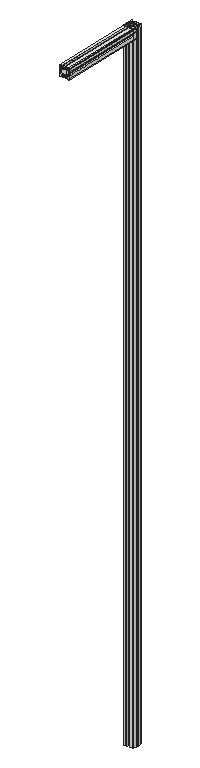
Revit family "Pole-PC4_Rakks", category Specialty Equipment, Revit 2026
Family settings
  Round Connector Dimension = Use Diameter
  Part Type = Normal
  Classification Number = 23.40.50.31.11.14
  Work Plane-Based = No
  Enable Cutting in Views = No
  Always vertical = Yes
  Cut with Voids When Loaded = No
  Maintain Annotation Orientation = No
  Shared = Yes
  Room Calculation Point = No
Parameters (values of type "G Mount")
  Warranty Duration (Years) = 0
  Wall Location [instance] = 1' - 0 173/256"
  Unit Height [instance] = 8' - 0"
  URL = "http://www.rakks.com/"
  Test Data = "http://www.rakks.com/pdfs/Rangine_Corporation_Leed_Statement.pdf"
  Specification = "http://www.arcat.com/sdspecs/htm/10670rak.htm"
  Send Message = "http://www.arcat.com/users.pl?action=UserEmail&company=Rangine%20Corp.%20-%20Rakks&coid=35076&rep=116&fax=781-455-8702&mf="
  Sales Information = "http://store.rakks.com/"
  Revision = "R1_03-2010"
  Product Properties = "http://www.arcat.com/bim/bim_info.pl?fn=Shelving_Rakks"
  Product Data = "http://www.arcat.com/arcatcos/cos35/arc35076.html"
  Model = ""
  Material = Metal - Clear Anodized
  Manufacturer Website = "http://www.rakks.com/"
  Manufacturer Phone - Toll Free = "800-826-6006"
  Manufacturer Phone = "781-455-8700"
  Manufacturer Fax = "781-455-8702"
  Manufacturer Address = "330 Reservoir St., Needham, MA 02494"
  Manufacturer = "Rangine Corp. - Rakks"
  Maintenance Schedule (Months) = 0
  Keynote = "10 56 00"
  Installation-Fabrication = "http://www.rakks.com/literature/install.html"
  Installation Phase = ""
  Has Return = yes
  Green Building-LEED = "http://www.arcat.com/green/clients/leed_data_35076.html"
  Expected Lifespan (Years) = 0
  Drawn By = "Robert S. Weygant, CSI, CDT, SCIP"
  Description = ""
  Default Elevation = 0' - 0"
  Copyright = "2010, ARCAT, Inc"
  Construction Details = "http://www.arcat.com/details/rangine/rangine.html?coid=35076"
  Capacity (Weight) = 0.00 lbf
  Building Codes = ""
  Assembly Code = "E1010500"
Types (5): name | Has Return
  (no name) | yes
  B Mount | no
  C Mount | no
  E Mount | no
  G Mount | yes
Reference planes (in)
  plane 1 "Center (Front/Back)": y = 0
  plane 2: z = 0
  plane 3 "Center (Left/Right)": x = 0
  plane 4: z = 96
  plane 5: x = -0.75
  plane 6: y = 0.75
  plane 7: y = -0.75
  plane 8: x = 0.75
  plane 9: y = -12.67578
Forms (in)
  Extrusion 1, solid, material "Metal - Clear Anodized" <- "Material"
    sketch origin (0, 0, 0) x (1, 0, 0) y (0, 1, 0)
      loop
        line (-0.65, 0.19) -> (-0.65, 0.40132) -> (-0.54416, 0.44516) -> (-0.31, 0.21101) -> (-0.31, -0.21101) -> (-0.54416, -0.44516) -> (-0.65, -0.40132) -> (-0.65, -0.19)
        arc (-0.65, -0.19) -> (-0.7, -0.14) -> (-0.75, -0.19) r 0.05
        line (-0.75, -0.19) -> (-0.75, -0.688)
        arc (-0.75, -0.688) -> (-0.73184, -0.73184) -> (-0.688, -0.75) r 0.062
        line (-0.688, -0.75) -> (-0.19, -0.75)
        arc (-0.19, -0.75) -> (-0.14, -0.7) -> (-0.19, -0.65) r 0.05
        line (-0.19, -0.65) -> (-0.40132, -0.65) -> (-0.44516, -0.54416) -> (-0.21101, -0.31) -> (0.21101, -0.31) -> (0.44516, -0.54416) -> (0.40132, -0.65) -> (0.19, -0.65)
        arc (0.19, -0.65) -> (0.14, -0.7) -> (0.19, -0.75) r 0.05
        line (0.19, -0.75) -> (0.688, -0.75)
        arc (0.688, -0.75) -> (0.73184, -0.73184) -> (0.75, -0.688) r 0.062
        line (0.75, -0.688) -> (0.75, -0.19)
        arc (0.75, -0.19) -> (0.7, -0.14) -> (0.65, -0.19) r 0.05
        line (0.65, -0.19) -> (0.65, -0.40132) -> (0.54416, -0.44516) -> (0.31, -0.21101) -> (0.31, 0.21101) -> (0.54416, 0.44516) -> (0.65, 0.40132) -> (0.65, 0.19)
        arc (0.65, 0.19) -> (0.7, 0.14) -> (0.75, 0.19) r 0.05
        line (0.75, 0.19) -> (0.75, 0.688)
        arc (0.75, 0.688) -> (0.73184, 0.73184) -> (0.688, 0.75) r 0.062
        line (0.688, 0.75) -> (0.19, 0.75)
        arc (0.19, 0.75) -> (0.14, 0.7) -> (0.19, 0.65) r 0.05
        line (0.19, 0.65) -> (0.40132, 0.65) -> (0.44516, 0.54416) -> (0.21101, 0.31) -> (-0.21101, 0.31) -> (-0.44516, 0.54416) -> (-0.40132, 0.65) -> (-0.19, 0.65)
        arc (-0.19, 0.65) -> (-0.14, 0.7) -> (-0.19, 0.75) r 0.05
        line (-0.19, 0.75) -> (-0.688, 0.75)
        arc (-0.688, 0.75) -> (-0.73184, 0.73184) -> (-0.75, 0.688) r 0.062
        line (-0.75, 0.688) -> (-0.75, 0.19)
        arc (-0.75, 0.19) -> (-0.7, 0.14) -> (-0.65, 0.19) r 0.05
    from 0 to 96
  Extrusion 2, solid, material "Metal - Clear Anodized" <- "Material", visible <- "Has Return"
    sketch origin (0, 0, 0) x (1, 0, 0) y (0, 0, 1)
      loop
        line (-0.65, 95.44) -> (-0.65, 95.65132) -> (-0.54416, 95.69516) -> (-0.31, 95.46101) -> (-0.31, 95.03899) -> (-0.54416, 94.80484) -> (-0.65, 94.84868) -> (-0.65, 95.06)
        arc (-0.65, 95.06) -> (-0.7, 95.11) -> (-0.75, 95.06) r 0.05
        line (-0.75, 95.06) -> (-0.75, 94.562)
        arc (-0.75, 94.562) -> (-0.73184, 94.51816) -> (-0.688, 94.5) r 0.062
        line (-0.688, 94.5) -> (-0.19, 94.5)
        arc (-0.19, 94.5) -> (-0.14, 94.55) -> (-0.19, 94.6) r 0.05
        line (-0.19, 94.6) -> (-0.40132, 94.6) -> (-0.44516, 94.70584) -> (-0.21101, 94.94) -> (0.21101, 94.94) -> (0.44516, 94.70584) -> (0.40132, 94.6) -> (0.19, 94.6)
        arc (0.19, 94.6) -> (0.14, 94.55) -> (0.19, 94.5) r 0.05
        line (0.19, 94.5) -> (0.688, 94.5)
        arc (0.688, 94.5) -> (0.73184, 94.51816) -> (0.75, 94.562) r 0.062
        line (0.75, 94.562) -> (0.75, 95.06)
        arc (0.75, 95.06) -> (0.7, 95.11) -> (0.65, 95.06) r 0.05
        line (0.65, 95.06) -> (0.65, 94.84868) -> (0.54416, 94.80484) -> (0.31, 95.03899) -> (0.31, 95.46101) -> (0.54416, 95.69516) -> (0.65, 95.65132) -> (0.65, 95.44)
        arc (0.65, 95.44) -> (0.7, 95.39) -> (0.75, 95.44) r 0.05
        line (0.75, 95.44) -> (0.75, 95.938)
        arc (0.75, 95.938) -> (0.73184, 95.98184) -> (0.688, 96) r 0.062
        line (0.688, 96) -> (0.19, 96)
        arc (0.19, 96) -> (0.14, 95.95) -> (0.19, 95.9) r 0.05
        line (0.19, 95.9) -> (0.40132, 95.9) -> (0.44516, 95.79416) -> (0.21101, 95.56) -> (-0.21101, 95.56) -> (-0.44516, 95.79416) -> (-0.40132, 95.9) -> (-0.19, 95.9)
        arc (-0.19, 95.9) -> (-0.14, 95.95) -> (-0.19, 96) r 0.05
        line (-0.19, 96) -> (-0.688, 96)
        arc (-0.688, 96) -> (-0.73184, 95.98184) -> (-0.75, 95.938) r 0.062
        line (-0.75, 95.938) -> (-0.75, 95.44)
        arc (-0.75, 95.44) -> (-0.7, 95.39) -> (-0.65, 95.44) r 0.05
    from 12.67578 to 0
Dimensions and locks (in)
  "Unit Height": plane 4 to plane 2
  "Wall Location": plane 1 "Center (Front/Back)" to plane 9
  aligned and locked: Extrusion 1 to plane 4
  aligned and locked: plane 1 "Center (Front/Back)" to Extrusion 2
  aligned and locked: Extrusion 2 to plane 9
Automatic sketch dimensions
  Extrusion 1 sketch curve to plane 3 "Center (Left/Right)" = 0' - 0 3/4"
  Extrusion 1 sketch curve to Extrusion 1 sketch curve = 0' - 0"  (x2)
  Extrusion 1 sketch curve to Extrusion 1 sketch curve = 0' - 0.05"  (x6)
  Extrusion 1 sketch curve to Extrusion 1 sketch curve = 0' - 0.062"  (x2)
  Extrusion 1 sketch curve to Extrusion 1 sketch curve = 0' - 0.10584"  (x8)
  Extrusion 1 sketch curve to Extrusion 1 sketch curve = 0' - 0.09899"  (x14)
  Extrusion 1 sketch curve to Extrusion 1 sketch curve = 0' - 0.04384"  (x8)
  Extrusion 1 sketch curve to plane 3 "Center (Left/Right)" = 0' - 0.31"
  Extrusion 1 sketch curve to plane 3 "Center (Left/Right)" = 0' - 0.19"  (x2)
  plane 3 "Center (Left/Right)" to Extrusion 1 sketch curve = 0' - 0.19"  (x2)
  plane 3 "Center (Left/Right)" to Extrusion 1 sketch curve = 0' - 0.21101"  (x2)
  Extrusion 1 sketch curve to Extrusion 1 sketch curve = 0' - 0.21132"  (x4)
  Extrusion 1 sketch curve to Extrusion 1 sketch curve = 0' - 0.14384"
  Extrusion 1 sketch curve to Extrusion 1 sketch curve = 0' - 0.28668"  (x3)
  plane 1 "Center (Front/Back)" to Extrusion 1 sketch curve = 0' - 0 3/4"
  plane 1 "Center (Front/Back)" to Extrusion 1 sketch curve = 0' - 0.31"
  plane 1 "Center (Front/Back)" to Extrusion 1 sketch curve = 0' - 0.19"  (x2)
  Extrusion 1 sketch curve to plane 1 "Center (Front/Back)" = 0' - 0.19"  (x2)
  Extrusion 1 sketch curve to plane 1 "Center (Front/Back)" = 0' - 0.21101"  (x2)
  Extrusion 2 sketch curve to plane 5 = 0' - 0"  (x2)
  Extrusion 2 sketch curve to plane 8 = 0' - 0"  (x2)
  Extrusion 2 sketch curve to Extrusion 2 sketch curve = 0' - 0.05"  (x4)
  Extrusion 2 sketch curve to plane 5 = 0' - 0.062"
  Extrusion 2 sketch curve to Extrusion 2 sketch curve = 0' - 0.062"  (x2)
  Extrusion 2 sketch curve to Extrusion 2 sketch curve = 0' - 0.10584"  (x6)
  Extrusion 2 sketch curve to Extrusion 2 sketch curve = 0' - 0.09899"  (x14)
  Extrusion 2 sketch curve to Extrusion 2 sketch curve = 0' - 0.04384"  (x8)
  Extrusion 2 sketch curve to plane 3 "Center (Left/Right)" = 0' - 0.31"
  Extrusion 2 sketch curve to plane 3 "Center (Left/Right)" = 0' - 0.19"  (x2)
  plane 3 "Center (Left/Right)" to Extrusion 2 sketch curve = 0' - 0.19"  (x2)
  plane 3 "Center (Left/Right)" to Extrusion 2 sketch curve = 0' - 0.21101"  (x2)
  Extrusion 2 sketch curve to Extrusion 2 sketch curve = 0' - 0.21132"  (x6)
  Extrusion 2 sketch curve to Extrusion 2 sketch curve = 0' - 0.1"
  Extrusion 2 sketch curve to plane 8 = 0' - 0.1"
  Extrusion 2 sketch curve to plane 8 = 0' - 0.062"
  plane 4 to Extrusion 2 sketch curve = 0' - 1 1/2"  (x2)
  Extrusion 2 sketch curve to Extrusion 2 sketch curve = 0' - 0.23416"
  Extrusion 2 sketch curve to Extrusion 2 sketch curve = 0' - 0.38"  (x2)
  Extrusion 2 sketch curve to Extrusion 2 sketch curve = 0' - 0.02101"  (x2)
  Extrusion 2 sketch curve to Extrusion 2 sketch curve = 0' - 0.28668"  (x2)
